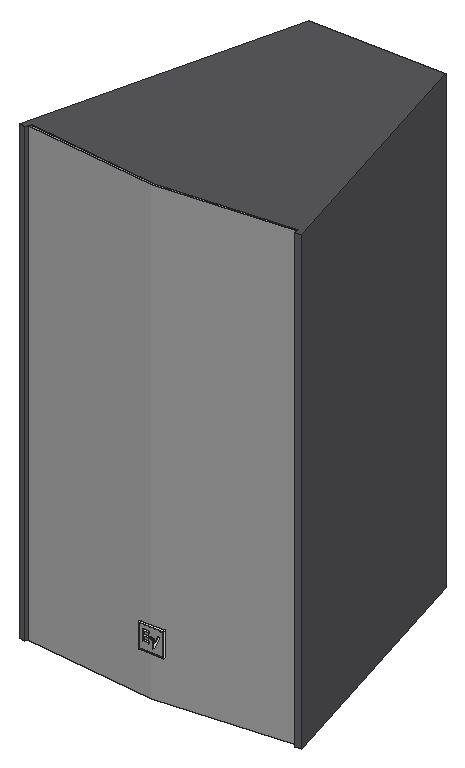
Revit family "EVF-1152D", category Communication Devices, Revit 2017 (continued)
Types (36, lengths in mm): name | ProductInformation | PlanningTools | ModelNumber | MaterialRALColour | LoudspeakerMaterial | GrillMaterial | CTN | InstallationManual | Description | ArchitectsAndEngineersSpecs
  EVF1152D99PBLB_Black_90X90_1X15_Weatherized | "https://www.electrovoice.com/binary/EVF-1152D-99-FG_Engineering_Data_Sheet.PDF" | "https://www.electrovoice.com/product.php?id=1103#downloads" | "F.01U.272.584" | "RAL9004" | 13-plyWeather-resistantBirchEVCoat -RAL9004 | 16GA Powder-coatedGalvanneal - B | "EVF1152D99PBLB" | "https://www.electrovoice.com/binary/EVF-1152D-99-FG_Engineering_Data_Sheet.PDF" | "DH7N 76 mm diaphragm, 36 mm exit pure titanium compression driver. DVX3151A 381 mm. LF transducer with fully symmetric drive. Coverage pattern: 90° x 90°. 100 dB sensitivity, 134 dB maximum SPL. System rating: 600 W continuous, 2400 W peak. Active rating: LF 500 W/HF 75 W continuous (2000 W/300 W peak). (22) M10 threaded suspension points. PI version available with gland nut and stainless-steel grille" | "https://www.electrovoice.com/binary/EVF-1152D-99-FG_Engineering_Data_Sheet.PDF"
  EVF1152D99PWLB_White_90X90_1X15_Weatherized | "https://www.electrovoice.com/binary/EVF-1152D-99-FG_Engineering_Data_Sheet.PDF" | "https://www.electrovoice.com/product.php?id=1103#downloads" | "F.01U.272.585" | "RAL9010" | 13-plyWeather-resistantBirchEVCoat -RAL9010 | 16GA Powder-coatedGalvanneal - W | "EVF1152D99PWLB" | "https://www.electrovoice.com/binary/EVF-1152D-99-FG_Engineering_Data_Sheet.PDF" | "DH7N 76 mm diaphragm, 36 mm exit pure titanium compression driver. DVX3151A 381 mm. LF transducer with fully symmetric drive. Coverage pattern: 90° x 90°. 100 dB sensitivity, 134 dB maximum SPL. System rating: 600 W continuous, 2400 W peak. Active rating: LF 500 W/HF 75 W continuous (2000 W/300 W peak). (22) M10 threaded suspension points. PI version available with gland nut and stainless-steel grille" | "https://www.electrovoice.com/binary/EVF-1152D-99-FG_Engineering_Data_Sheet.PDF"
  EVF1152D99WLB_White_90X90_1X15_Two-Way | "https://www.electrovoice.com/binary/EVF-1152D-99-FG_Engineering_Data_Sheet.PDF" | "https://www.electrovoice.com/product.php?id=1103#downloads" | "F.01U.272.583" | "RAL9010" | 13-plyWeather-resistantBirchEVCoat -RAL9010 | 16GA Powder-coatedGalvanneal - W | "EVF1152D99WLB" | "https://www.electrovoice.com/binary/EVF-1152D-99-FG_Engineering_Data_Sheet.PDF" | "DH7N 76 mm diaphragm, 36 mm exit pure titanium compression driver. DVX3151A 381 mm. LF transducer with fully symmetric drive. Coverage pattern: 90° x 90°. 100 dB sensitivity, 134 dB maximum SPL. System rating: 600 W continuous, 2400 W peak. Active rating: LF 500 W/HF 75 W continuous (2000 W/300 W peak). (22) M10 threaded suspension points. PI version available with gland nut and stainless-steel grille" | "https://www.electrovoice.com/binary/EVF-1152D-99-FG_Engineering_Data_Sheet.PDF"
  EVF1152D96PWLB_White_90X60_1X15_Weatherized | "https://www.electrovoice.com/binary/EVF-1152D-96_Engineering_Data_Sheet.PDF" | "https://www.electrovoice.com/product.php?id=1102#downloads" | "F.01U.272.581" | "RAL9004" | 13-plyWeather-resistantBirchEVCoat -RAL9010 | 16GA Powder-coatedGalvanneal - W | "EVF1152D96PWLB" | "https://www.electrovoice.com/binary/EVF-1152D-96_Engineering_Data_Sheet.PDF" | "DH7N 76 mm diaphragm, 36 mm exit pure titanium compression driver. DVX3151A 381 mm. LF transducer with fully symmetric drive. Coverage pattern: 90° x 60°. 100 dB sensitivity, 134 dB maximum SPL. System rating: 600 W continuous, 2400 W peak. Active rating: LF 500 W/HF 75 W continuous (2000 W/300 W peak). (22) M10 threaded suspension points. PI version available with gland nut and stainless-steel grille" | "https://www.electrovoice.com/binary/EVF-1152D-96_Engineering_Data_Sheet.PDF"
